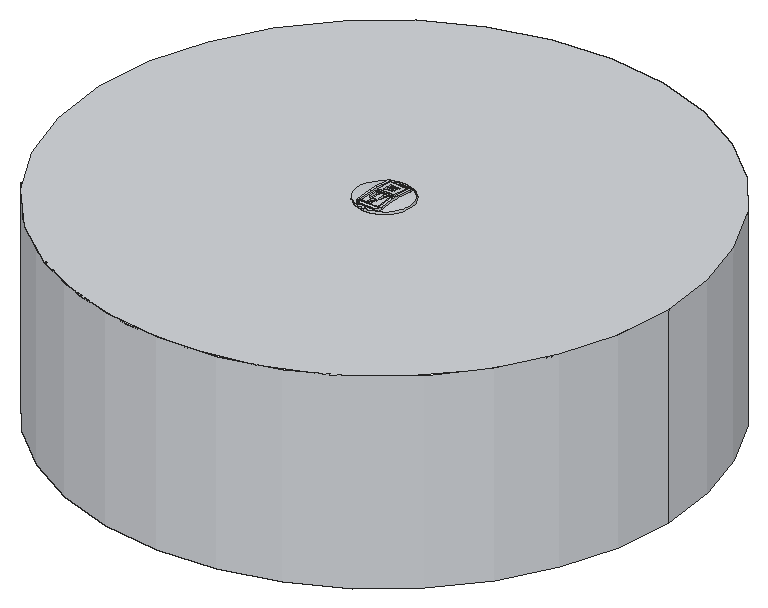
Revit family "Bernhardt-Design_Table_Clue_R37", category Furniture, Revit 2016
Family settings
  OmniClass Number = 23.40.20.00
  OmniClass Title = General Furniture and Specialties
  Work Plane-Based = No
  Always vertical = Yes
  Cut with Voids When Loaded = No
  Shared = No
  Room Calculation Point = No
Parameters (values of type "Bernhardt Design - Clue - CLS-R37 w/ power module")
  URL = "http://www.bernhardtdesign.com"
  SKU = "CLS-R37"
  Power Outlets [instance] = none
  Power Base [instance] = none
  Power = yes
  Model = "Clue"  # constant formula
  Manufacturer = "Bernhardt Design"  # constant formula
  Feet = Plastic, Opaque Black
  Copyright © = "Copyright © Bernhardt Design"  # constant formula
  Wood Veneer [instance] = none
  Catalog = SKU  # "CLS-R37"
  Authoring Version = "Autodesk Revit 2016"  # constant formula
Types (3): name | Power
  (no name) | yes
  Bernhardt Design - Clue - CLS-R37 | no
  Bernhardt Design - Clue - CLS-R37 w/ power module | yes
Reference planes (in)
  plane 1 "Center Front/Back": y = 0
  plane 2: z = 0
  plane 3 "Center Left/Right": x = 0
Forms (in)
  Extrusion 1, solid, material <- "Wood Veneer"
    sketch origin (0, 0, 0) x (1, 0, 0) y (0, 1, 0)
      loop
        circle (0, 0) r 18.5
    from 1.1811 to 13.58268
  Extrusion 2, solid, material <- "Wood Veneer"
    sketch origin (0, 0, 0) x (1, 0, 0) y (0, 1, 0)
      loop
        circle (0, -0.00003) r 14.57236
      loop
        circle (0, -0.00003) r 12.00937
    from 0.18745 to 1.1811
  Revolve 3, solid, material "Plastic, Opaque Black" <- "Feet"
    sketch origin (-7.19707, 12.13633, 0) x (1, 0, 0) y (0, 0, 1)
      loop
        line (1.79304, 0.18745) -> (1.79304, 0) -> (1.87802, 0)
        arc (1.87802, 0) -> (1.92387, 0.01079) -> (1.96123, 0.03946) r 0.11203
        arc (1.96123, 0.03946) -> (1.98298, 0.07621) -> (1.99122, 0.11811) r 0.12614
        line (1.99122, 0.11811) -> (1.99122, 0.18745) -> (1.79304, 0.18745)
      axis (1.79304, 0) -> (1.79304, 0.18745)
    angle from 0 to 360
  Revolve 4, solid, material "Plastic, Opaque Black" <- "Feet"
    sketch origin (3.61099, 12.13633, 0) x (1, 0, 0) y (0, 0, 1)
      loop
        line (1.79304, 0.18745) -> (1.79304, 0) -> (1.87802, 0)
        arc (1.87802, 0) -> (1.92387, 0.01079) -> (1.96123, 0.03946) r 0.11203
        arc (1.96123, 0.03946) -> (1.98298, 0.07621) -> (1.99122, 0.11811) r 0.12614
        line (1.99122, 0.11811) -> (1.99122, 0.18745) -> (1.79304, 0.18745)
      axis (1.79304, 0) -> (1.79304, 0.18745)
    angle from 0 to 360
  Revolve 5, solid, material "Plastic, Opaque Black" <- "Feet"
    sketch origin (11.31163, 2.14518, 0) x (1, 0, 0) y (0, 0, 1)
      loop
        line (1.79304, 0.18745) -> (1.79304, 0) -> (1.87802, 0)
        arc (1.87802, 0) -> (1.92387, 0.01079) -> (1.96123, 0.03946) r 0.11203
        arc (1.96123, 0.03946) -> (1.98298, 0.07621) -> (1.99122, 0.11811) r 0.12614
        line (1.99122, 0.11811) -> (1.99122, 0.18745) -> (1.79304, 0.18745)
      axis (1.79304, 0) -> (1.79304, 0.18745)
    angle from 0 to 360
  Revolve 6, solid, material "Plastic, Opaque Black" <- "Feet"
    sketch origin (11.31777, -2.153, 0) x (1, 0, 0) y (0, 0, 1)
      loop
        line (1.79304, 0.18745) -> (1.79304, 0) -> (1.87802, 0)
        arc (1.87802, 0) -> (1.92387, 0.01079) -> (1.96123, 0.03946) r 0.11203
        arc (1.96123, 0.03946) -> (1.98298, 0.07621) -> (1.99122, 0.11811) r 0.12614
        line (1.99122, 0.11811) -> (1.99122, 0.18745) -> (1.79304, 0.18745)
      axis (1.79304, 0) -> (1.79304, 0.18745)
    angle from 0 to 360
  Revolve 7, solid, material "Plastic, Opaque Black" <- "Feet"
    sketch origin (3.61099, -12.13898, 0) x (1, 0, 0) y (0, 0, 1)
      loop
        line (1.79304, 0.18745) -> (1.79304, 0) -> (1.87802, 0)
        arc (1.87802, 0) -> (1.92387, 0.01079) -> (1.96123, 0.03946) r 0.11203
        arc (1.96123, 0.03946) -> (1.98298, 0.07621) -> (1.99122, 0.11811) r 0.12614
        line (1.99122, 0.11811) -> (1.99122, 0.18745) -> (1.79304, 0.18745)
      axis (1.79304, 0) -> (1.79304, 0.18745)
    angle from 0 to 360
  Revolve 8, solid, material "Plastic, Opaque Black" <- "Feet"
    sketch origin (-7.19707, -12.13898, 0) x (1, 0, 0) y (0, 0, 1)
      loop
        line (1.79304, 0.18745) -> (1.79304, 0) -> (1.87802, 0)
        arc (1.87802, 0) -> (1.92387, 0.01079) -> (1.96123, 0.03946) r 0.11203
        arc (1.96123, 0.03946) -> (1.98298, 0.07621) -> (1.99122, 0.11811) r 0.12614
        line (1.99122, 0.11811) -> (1.99122, 0.18745) -> (1.79304, 0.18745)
      axis (1.79304, 0) -> (1.79304, 0.18745)
    angle from 0 to 360
  Revolve 9, solid, material "Plastic, Opaque Black" <- "Feet"
    sketch origin (-14.90431, -2.1525, 0) x (1, 0, 0) y (0, 0, 1)
      loop
        line (1.79304, 0.18745) -> (1.79304, 0) -> (1.87802, 0)
        arc (1.87802, 0) -> (1.92387, 0.01079) -> (1.96123, 0.03946) r 0.11203
        arc (1.96123, 0.03946) -> (1.98298, 0.07621) -> (1.99122, 0.11811) r 0.12614
        line (1.99122, 0.11811) -> (1.99122, 0.18745) -> (1.79304, 0.18745)
      axis (1.79304, 0) -> (1.79304, 0.18745)
    angle from 0 to 360
  Revolve 10, solid, material "Plastic, Opaque Black" <- "Feet"
    sketch origin (-14.90399, 2.15141, 0) x (1, 0, 0) y (0, 0, 1)
      loop
        line (1.79304, 0.18745) -> (1.79304, 0) -> (1.87802, 0)
        arc (1.87802, 0) -> (1.92387, 0.01079) -> (1.96123, 0.03946) r 0.11203
        arc (1.96123, 0.03946) -> (1.98298, 0.07621) -> (1.99122, 0.11811) r 0.12614
        line (1.99122, 0.11811) -> (1.99122, 0.18745) -> (1.79304, 0.18745)
      axis (1.79304, 0) -> (1.79304, 0.18745)
    angle from 0 to 360
Dimensions and locks (in)
  aligned and locked: level to plane 2
Nested families (in)
  nested 1: "Clue_power" at (0, -0.00003, 13.58268), Power Base <- "Power Base", Power Outlets <- "Power Outlets", visible <- "Power", type "Clue_power"
    with Power Outlets none, Power Base none
Definition of nested family "Clue_power"
  Parameters (values of type "Clue_power")
    URL = "http://www.bernhardtdesign.com"
    Power Outlets [instance] = none
    Power Base [instance] = none
    Model = ""
    Manufacturer = "Bernhardt Design"  # constant formula
    Copyright © = "Copyright © Bernhardt Design"  # constant formula
    Catalog = ""
    Authoring Version = "Autodesk Revit 2016"  # constant formula
  Reference planes (in)
    plane 1 "Center Front/Back": y = 0
    plane 2: z = 0
    plane 3 "Center Left/Right": x = 0
  Forms (in)
    Revolve 1, solid, material <- "Power Base"
      sketch origin (0, 0, 0) x (0, 1, 0) y (0, 0, 1)
        loop
          arc (1.6825, 0) -> (1.67392, 0.04473) -> (1.6473, 0.08169) r 0.1056
          arc (1.6473, 0.08169) -> (0.82894, 0.2153) -> (0, 0.2361) r 6.06808
          line (0, 0.2361) -> (0, 0) -> (1.6825, 0)
        axis (0, 0.2361) -> (0, 0)
      angle from 0 to 360
    Extrusion 2, solid, material <- "Power Outlets"
      sketch origin (0, 0, 0) x (1, 0, 0) y (0, 1, 0)
        loop
          line (-0.75148, 1.15592) -> (-0.75148, -1.19925)
          arc (-0.75148, -1.19925) -> (-0.67323, -1.35002) -> (-0.51449, -1.4105) r 0.23856
          line (-0.51449, -1.4105) -> (0.5165, -1.4105)
          arc (0.5165, -1.4105) -> (0.68266, -1.34167) -> (0.75148, -1.17551) r 0.23498
          line (0.75148, -1.17551) -> (0.75148, 1.19926)
          arc (0.75148, 1.19926) -> (0.67415, 1.35121) -> (0.51498, 1.41233) r 0.23778
          line (0.51498, 1.41233) -> (-0.53896, 1.41233)
          arc (-0.53896, 1.41233) -> (-0.69806, 1.32792) -> (-0.75148, 1.15592) r 0.23633
        loop
          line (-0.61952, 1.17561) -> (-0.61952, -1.17715)
          arc (-0.61952, -1.17715) -> (-0.58906, -1.25067) -> (-0.51554, -1.28113) r 0.10398
          line (-0.51554, -1.28113) -> (0.51806, -1.28113)
          arc (0.51806, -1.28113) -> (0.58999, -1.25134) -> (0.61978, -1.17941) r 0.10172
          line (0.61978, -1.17941) -> (0.61978, 1.17733)
          arc (0.61978, 1.17733) -> (0.58933, 1.25086) -> (0.5158, 1.28132) r 0.10398
          line (0.5158, 1.28132) -> (-0.51555, 1.28132)
          arc (-0.51555, 1.28132) -> (-0.58968, 1.25025) -> (-0.61952, 1.17561) r 0.10398
      from 0.06006 to 0.30371
    Extrusion 3, void
      sketch origin (0, 0, 0) x (0, 1, 0) y (0, 0, 1)
        loop
          line (1.41233, 0.15499) -> (1.53943, 0.15499) -> (1.53943, 0.42603) -> (-1.53671, 0.42603) -> (-1.53671, 0.15499) -> (-1.41233, 0.15499)
          arc (-1.41233, 0.15499) -> (-1.34983, 0.19077) -> (-1.28065, 0.21075) r 0.30249
          arc (-1.28065, 0.21075) -> (-0.6424, 0.2859) -> (0, 0.30373) r 7.1871
          arc (0, 0.30373) -> (0.6424, 0.2859) -> (1.28065, 0.21075) r 7.1871
          arc (1.28065, 0.21075) -> (1.34983, 0.19077) -> (1.41233, 0.15499) r 0.30249
      from -0.98874 to 1.00889
    Extrusion 4, solid, material <- "Power Outlets"
      sketch origin (0, 0, 0) x (1, 0, 0) y (0, 1, 0)
        loop
          line (-0.53791, -0.11341) -> (-0.53791, -1.19581) -> (0.53709, -1.19581) -> (0.53709, -0.11341) -> (-0.53791, -0.11341)
        loop
          line (-0.53791, 0.11341) -> (0.53709, 0.11341) -> (0.53709, 1.19581) -> (-0.53791, 1.19581) -> (-0.53791, 0.11341)
      from 0.06006 to 0.3696
    Extrusion 5, void
      sketch origin (0, 0, -0.00588) x (0, 1, 0) y (0, 0, 1)
        loop
          line (1.41233, 0.15499) -> (1.53943, 0.15499) -> (1.53943, 0.42603) -> (-1.53671, 0.42603) -> (-1.53671, 0.15499) -> (-1.41233, 0.15499)
          arc (-1.41233, 0.15499) -> (-1.34983, 0.19077) -> (-1.28065, 0.21075) r 0.30249
          arc (-1.28065, 0.21075) -> (-0.6424, 0.2859) -> (0, 0.30373) r 7.1871
          arc (0, 0.30373) -> (0.6424, 0.2859) -> (1.28065, 0.21075) r 7.1871
          arc (1.28065, 0.21075) -> (1.34983, 0.19077) -> (1.41233, 0.15499) r 0.30249
      from -0.98874 to 1.00889
    Extrusion 6, void
      sketch origin (0, 0, 0) x (1, 0, 0) y (0, 1, 0)
        loop
          line (-0.27547, 0.88145) -> (-0.27547, 0.65358) -> (0.27793, 0.65358) -> (0.27793, 0.88145) -> (-0.27547, 0.88145)
        loop
          line (-0.27547, 0.53657) -> (-0.27547, 0.3087) -> (0.27793, 0.3087) -> (0.27793, 0.53657) -> (-0.27547, 0.53657)
        loop
          line (-0.35891, -0.22508) -> (-0.35891, -0.69469) -> (-0.14191, -0.69469) -> (-0.14191, -0.22508) -> (-0.35891, -0.22508)
        loop
          line (0.13909, -0.25998) -> (0.13909, -0.6598) -> (0.36009, -0.6598) -> (0.36009, -0.25998) -> (0.13909, -0.25998)
        loop
          line (0.15909, -1.10249) -> (0.15909, -0.9556)
          arc (0.15909, -0.9556) -> (0.11249, -0.8431) -> (0, -0.79651) r 0.15909
          arc (0, -0.79651) -> (-0.11307, -0.84335) -> (-0.15991, -0.95642) r 0.15991
          line (-0.15991, -0.95642) -> (-0.15991, -1.10249) -> (0.15909, -1.10249)
      from 0.09737 to 0.49805
  Cuts and joins
    Extrusion 3 cuts Extrusion 2
    Extrusion 5, Extrusion 6 cuts Extrusion 4
  Dimensions and locks (in)
    Extrusion 4 to plane 1 "Center Front/Back" = 0.11341"
    aligned and locked: level to plane 2
